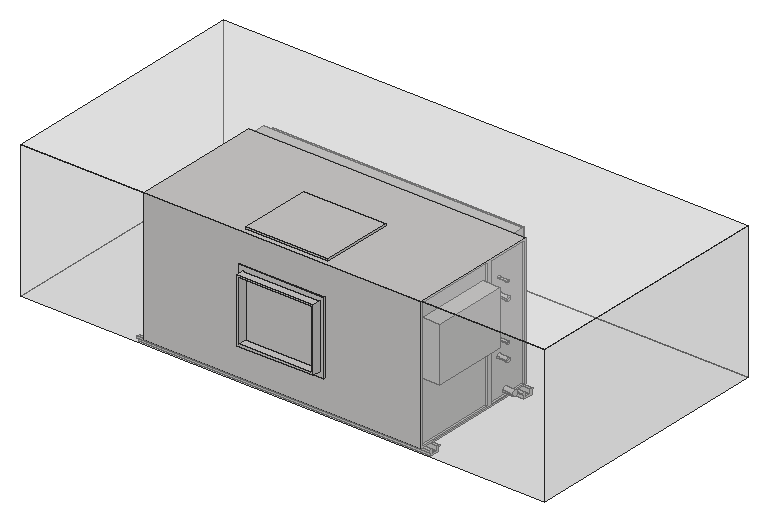
Revit family "outputfile", category 機械設備, Revit 2024
Family settings
  丸型コネクタ寸法 = 半径を使用
  パーツ タイプ = 標準
  OmniClass 番号 = 23.75.10.24.21.27.27
  OmniClass タイトル = Split System Air Conditioning Units
  作業面ベース = いいえ
  常に垂直 = はい
  ロード時にボイドで切り取り = いいえ
  注釈の向きを維持 = いいえ
  共有 = いいえ
  部屋計算ポイント = はい
Parameters (values of type "2FDN200HYL")
  Description = ""
  書き出し IFC クラス(タイプ) = "IfcUnitaryEquipmentType"
  定義済み IFC タイプ(タイプ) = "AIRCONDITIONINGUNIT"
  Cost = 0
  Type Comments = ""
  Keynote = ""
  Type Image = (empty or 0)
  Assembly Code = ""
  switch_frequency = yes
  lw_power = 980 mm
  lw_box = 98 mm
  lw_RA = 865 mm
  lh_liquidpipe_2 = 738 mm
  lh_height_SA = 408 mm
  lh_ld_mountinghole_height = 35 mm
  lh_height_RA = 747 mm
  lh_hangerfixture = 35 mm
  lh_gaspipe_2 = 638 mm
  lh_box_top = 110 mm
  lh_box = 350 mm
  lh_SA = 461 mm
  lh_RA = 476.5 mm
  ld_depth_SA = 60 mm
  ld_depth_RA = 130 mm
  ld_box_left = 30 mm
  ld_box = 490 mm
  connector_voltage = Voltage_60Hz  # 380 V
  connector_powerinput = [Power Input (Cooling)]  # 20.830 kW
  connector_phase = Phase_60Hz  # 3
  URL = ""
  Supply Air Direction [instance] = yes
  製造元 = "Daikin"
  モデル = "2FDN200HYL"
  w_pipe = 33 mm
  r_Liquid Pipe Size = Liquid Pipe Size / 2  # 6.35 mm
  r_Gas Pipe Size = Gas Pipe Size / 2  # 12.7 mm
  r_Drain Pipe Size = Drain Pipe Size / 2  # 17.0 mm
  lw_powersupply = 897 mm
  lw_width_RA = 1624 mm
  lw_width_SA = 474 mm
  lh_suctionflange [instance] = 100 mm
  ld_suctionflange [instance] = 190 mm
  ld_powersupply = 0 mm
  angle_vertical_RA [instance] = 90.00°
  angle horizontal_RA [instance] = 180.00°
  Voltage_comment_60Hz = "380"
  Voltage_60Hz = 380 V
  Sound Power Level_H speed (dB) = 0
  Phase_60Hz = 3
  Minimum External Static Pressure = 0.00 Pa
  Minimum Circuit Amps_60Hz = 0.0 A
  Maximum Fuse Amps_60Hz = 0.0 A
  Maximum External Static Pressure = 150.00 Pa
  Material_Casing = DAIKIN_GalvanizedSteel_Casing_indoorunit
  lw_liquidpipe = 945.5 mm
  lw_gaspipe = 947 mm
  lw_mountinghole_pitch = 1854 mm
  lw_mountinghole = 1894 mm
  lw_drainpipe = 947 mm
  lh_powersupply = 425 mm
  lh_liquidpipe = 382 mm
  lh_gaspipe = 282 mm
  lh_mountinghole = 9 mm
  lh_drainpipe = 65 mm
  lh_antena = 877 mm
  ld_liquidpipe = 223 mm
  ld_gaspipe = 223 mm
  ld_mountinghole_pitch = 755 mm
  ld_drainpipe = 276 mm
  ld_controlbox = 626 mm
  h*** = 0 mm  # constant formula
  d_dischargeflange = ld_depth_SA  # 60 mm
  Width = 1794 mm
  Version = "ver.1.0"
  Unit Type = "Duct"
  Unit Mass Weight = 196.00 kg
  Unit Designation [instance] = ""
  Uniclass2015Version = "Products v1.30"
  Uniclass2015Title = "Split coil room air conditioning units"
  Uniclass2015Code = "Pr_70_65_03_86"
  Total Cooling Capacity [instance] = 0.000 kW
  Sound Pressure Level_M speed (dBA) = 0
  Sound Pressure Level_L speed (dBA) = 0
  Sound Pressure Level_H speed (dBA) = 61
  Series = "Package Aircon_Fan Coil Unit"
  Sensible Cooling Capacity [instance] = 0.000 kW
  SA Duct Size Width = 474 mm
  SA Duct Size Height = 408 mm
  Refrigerant Type = "R410A"
  RA Duct Size Width = 1624 mm
  RA Duct Size Height = 747 mm
  Power Input (Cooling) = 20.830 kW
  Option Accessory 3 [instance] = ""
  Option Accessory 2 [instance] = ""
  Option Accessory 1 [instance] = ""
  Nominal Cooling Capacity = 58.617 kW
  Minimum Airflow = 0.00 m³/h
  Median Airflow = 0.00 m³/h
  Maximum Airflow = 10194.00 m³/h
  Load Classification = HVAC
  Liquid Pipe Size = 12.7 mm
  Link_Nested Family [instance] = ""
  IfcVersion = ""
  IfcExportType = "AIRCONDITIONINGUNIT"
  IfcExportAs = "IfcUnitaryEquipmentType"
  Height = 885 mm
  Heat Exchanger Type = "Cross Fin Coil"
  Gas Pipe Size = 25.4 mm
  Frequency_60Hz = 60 Hz
  Fan Type = "Sirocco Fan"
  Fan Drive = "-"
  FCU Tag No. [instance] = ""
  Drain Pipe Size = 34.0 mm
  Design Supply Airflow [instance] = 0.00 m³/h
  Design Return Airflow [instance] = 0.00 m³/h
  Design External Static Pressure [instance] = 0.00 Pa
  Depth = 850 mm
  既定の高さ = 0 mm
  Cooling Entering Wet Bulb Temperature [instance] = 0.00 °C
  Cooling Entering Dry Bulb Temperature [instance] = 0.00 °C
  Cooling Ambient Wet Bulb Temperature [instance] = 0.00 °C
  Cooling Ambient Dry Bulb Temperature [instance] = 0.00 °C
  Clearance visibility [instance] = yes
  Clearance Top = 0 mm
  Clearance Right = 800 mm
  Clearance Rear = 800 mm
  Clearance Left = 800 mm
  Clearance Front = 0 mm
  Clearance Bottom = 0 mm
Reference planes
  plane 1 "Center (Front/Back)": y = 0
  plane 2: z = 0
  plane 3 "Center (Left/Right)": x = 0
  plane 4 "Back": y = 425
  plane 5 "Front": y = -425
  plane 6 "Left": x = -897
  plane 7 "Right": x = 897
  plane 8 "Top": z = 0
  plane 9 "Bottom": z = -885
  plane 10: z = -503
  plane 11: z = -603
  plane 12: x = -927
  plane 13: x = 927
  plane 14: x = 945.5
  plane 15: x = 947
  plane 16: z = -876
  plane 17 "Clearance Left": x = -1697
  plane 18 "Clearance Right": x = 1697
  plane 19 "Clearance Rear": y = 1225
  plane 20 "Clearance Front": y = -425
  plane 21 "Clearance Bottom": z = -885
  plane 22: z = -820
  plane 23 "ld_gas": y = 223
  plane 24: y = 223
  plane 25: y = -30
  plane 26: y = 276
  plane 27: y = 235
  plane 28: x = 947
  plane 29: y = 377.5
  plane 30: y = -377.5
  plane 31: y = -485
  plane 32: y = 555
  plane 33 "Clearance Top": z = 0
  plane 34: z = -460
  plane 35: y = 0
  plane 36 "hangerfixture": z = -850
  plane 37 "lh_SA": z = -424
  plane 38 "lh_RA": z = -408.5
  plane 39 "RA_center": x = -32
  plane 40: y = -416
  plane 41: y = 119.5
  plane 42: y = 416
  plane 43: z = -9
  plane 44: z = -844
  plane 45: y = 137.5
  plane 46: y = -416
  plane 47: y = 119.5
  plane 48: y = 416
  plane 49: z = -9
  plane 50: z = -844
  plane 51: y = 137.5
  plane 52: x = 886
  plane 53: x = 995
  plane 54: y = -395
  plane 55: y = -375
  plane 56: y = 75
  plane 57: y = 95
  plane 58 "box_bottom": z = -460
  plane 59 "box_top": z = -110
  plane 60: x = -267
  plane 61: x = 267
  plane 62: y = -387.5
  plane 63: y = 80.5
  plane 64 "lw_power": x = 980
  plane 65: z = -147
  plane 66: z = -247
Forms (mm)
  Extrusion 1, solid, material "DAIKIN_GalvanizedSteel_Casing_indoorunit" <- "Material_Casing"
    sketch origin (0, -0.8, 0) x (1, 0, 0) y (0, 1, 0)
      loop
        line (-897, -424.2) -> (897, -424.2) -> (897, 425.8) -> (-897, 425.8) -> (-897, -424.2)
    from -850 to 0
  Revolve 2, solid, material "DAIKIN_GalvanizedSteel_Casing_indoorunit" <- "Material_Casing"
    sketch origin (0, 0, -603) x (0, -1, 0) y (1, 0, 0)
      loop
        line (-210.3, 877) -> (-210.3, 947) -> (-223, 947) -> (-223, 877) -> (-210.3, 877)
      axis (-223, 877) -> (-223, 947)
    angle from 0 to 360
  Revolve 3, solid, material "DAIKIN_GalvanizedSteel_Casing_indoorunit" <- "Material_Casing"
    sketch origin (0, 0, -503) x (0, -1, 0) y (1, 0, 0)
      loop
        line (-223, 877) -> (-223, 945.5) -> (-229.35, 945.5) -> (-229.35, 877) -> (-223, 877)
      axis (-223, 945.5) -> (-223, 877)
    angle from 0 to 360
  Extrusion 4, solid, material "DAIKIN_GalvanizedSteel_Casing_indoorunit" <- "Material_Casing"
    sketch origin (0, 0, 0) x (0, 1, 0) y (0, 0, 1)
      loop
        circle (276, -820) r 17
    from 947 to 877
  Extrusion 5, void
    sketch origin (897, 0, 0) x (0, 1, 0) y (0, 0, 1)
      loop
        line (-416, -9) -> (-416, -844) -> (119.5, -844) -> (119.5, -9) -> (-416, -9)
      loop
        line (416, -9) -> (137.5, -9) -> (137.5, -844) -> (416, -844) -> (416, -9)
    from 0 to -20
  Extrusion 6, void
    sketch origin (-897, 0, 0) x (0, 1, 0) y (0, 0, 1)
      loop
        line (-416, -9) -> (-416, -844) -> (119.5, -844) -> (119.5, -9) -> (-416, -9)
      loop
        line (416, -9) -> (137.5, -9) -> (137.5, -844) -> (416, -844) -> (416, -9)
    from 0 to 20
  Extrusion 7, solid, material "DAIKIN_GalvanizedSteel_Casing_indoorunit" <- "Material_Casing"
    sketch origin (0, 0, 0) x (1, 0, 0) y (0, 1, 0)
      loop
        line (877, -395) -> (995, -395) -> (995, 95) -> (877, 95) -> (877, -395)
    from -460 to -110
  Extrusion 8, solid, material "DAIKIN_GalvanizedSteel_Casing_indoorunit" <- "Material_Casing"
    sketch origin (0, 0, 0) x (-1, 0, 0) y (0, -1, 0)
      loop
        line (267, -80.5) -> (267, 387.5) -> (-267, 387.5) -> (-267, -80.5) -> (267, -80.5)
    from 0 to 9
  Revolve 9, solid, material "DAIKIN_GalvanizedSteel_Casing_indoorunit" <- "Material_Casing"
    sketch origin (0, 0, -247) x (0, -1, 0) y (1, 0, 0)
      loop
        line (-210.3, 877) -> (-210.3, 947) -> (-223, 947) -> (-223, 877) -> (-210.3, 877)
      axis (-223, 877) -> (-223, 947)
    angle from 0 to 360
  Revolve 10, solid, material "DAIKIN_GalvanizedSteel_Casing_indoorunit" <- "Material_Casing"
    sketch origin (0, 0, -147) x (0, -1, 0) y (1, 0, 0)
      loop
        line (-223, 877) -> (-223, 945.5) -> (-229.35, 945.5) -> (-229.35, 877) -> (-223, 877)
      axis (-223, 945.5) -> (-223, 877)
    angle from 0 to 360
  Extrusion 11, solid, material "DAIKIN_GalvanizedSteel_Casing_indoorunit" <- "Material_Casing"
    sketch origin (0, 0, 0) x (0, 1, 0) y (0, 0, 1)
      loop
        line (-337.5, -850) -> (-337.5, -859) -> (337.5, -859) -> (337.5, -850) -> (-337.5, -850)
    from -897 to 897
Cuts and joins
  Extrusion 5, Extrusion 6 cuts Extrusion 1
  Extrusion 6 cuts Revolve 2
  Extrusion 6 cuts Revolve 3
  Extrusion 6 cuts Extrusion 4
Dimensions and locks
  equal spacing: plane 12, plane 3 "Center (Left/Right)", plane 13
  "lw_mountinghole_pitch": plane 12 to plane 13
  "lh_liquidpipe": plane 10 to plane 9 "Bottom"
  "lh_gaspipe": plane 11 to plane 9 "Bottom"
  equal spacing: plane 6 "Left", plane 3 "Center (Left/Right)", plane 7 "Right"
  "Width": plane 6 "Left" to plane 7 "Right"
  "Clearance Right": plane 7 "Right" to plane 18 "Clearance Right"
  "Clearance Left": plane 17 "Clearance Left" to plane 6 "Left"
  "Clearance Rear": plane 19 "Clearance Rear" to plane 4 "Back"
  "Clearance Front": plane 5 "Front" to plane 20 "Clearance Front"
  "Depth": plane 4 "Back" to plane 5 "Front"
  equal spacing: plane 4 "Back", plane 1 "Center (Front/Back)", plane 5 "Front"
  "ld_suctionflange": plane 4 "Back" to plane 27
  "r_Liquid Pipe Size": nested 5 to Revolve 3 sketch curve
  equal spacing: plane 29, plane 1 "Center (Front/Back)", plane 30
  "ld_mountinghole_pitch": plane 29 to plane 30
  "lw_liquidpipe": plane 3 "Center (Left/Right)" to plane 14
  "lw_gaspipe": plane 3 "Center (Left/Right)" to plane 15
  "lw_drainpipe": plane 3 "Center (Left/Right)" to plane 28
  "lh_drainpipe": plane 22 to plane 9 "Bottom"
  "Clearance Top": plane 33 "Clearance Top" to plane 8 "Top"
  "Clearance Bottom": plane 9 "Bottom" to plane 21 "Clearance Bottom"
  "lh_powersupply": plane 34 to plane 9 "Bottom"
  level to plane 8 "Top" = 0 mm
  "lh_hangerfixture": plane 36 "hangerfixture" to plane 9 "Bottom"
  "lh_SA": plane 37 "lh_SA" to plane 9 "Bottom"
  "ld_depth_SA": plane 5 "Front" to plane 31
  "ld_depth_RA": plane 32 to plane 4 "Back"
  "lh_RA": plane 38 "lh_RA" to plane 9 "Bottom"
  "lw_RA": plane 6 "Left" to plane 39 "RA_center"
  locked: plane 36 "hangerfixture" to plane 44 at 6
  locked: plane 5 "Front" to plane 40 at 9
  locked: plane 8 "Top" to plane 43 at 9
  locked: plane 42 to plane 4 "Back" at 9
  plane 40 to plane 41 = 535.5 mm
  locked: plane 45 to plane 42 at 278.5
  locked: plane 46 to plane 47 at 535.5
  locked: plane 51 to plane 48 at 278.5
  locked: plane 5 "Front" to plane 46 at 9
  locked: plane 48 to plane 4 "Back" at 9
  locked: plane 8 "Top" to plane 49 at 9
  locked: plane 50 to plane 36 "hangerfixture" at 6
  "ld_box_left": plane 54 to plane 5 "Front"
  "ld_box": plane 57 to plane 54
  locked: plane 55 to plane 54 at 20
  locked: plane 57 to plane 56 at 20
  locked: cut or joined group of Extrusion 1, Extrusion 5, Extrusion 6 to plane 52 at 9
  "lw_box": plane 7 "Right" to plane 53
  "lh_box": plane 59 "box_top" to plane 58 "box_bottom"
  plane 60 to plane 3 "Center (Left/Right)" to plane 61 = 267 mm locked, 267 mm locked
  plane 63 to plane 62 to plane 5 "Front" = 468 mm locked, 37.5 mm locked
  "lw_power": plane 3 "Center (Left/Right)" to plane 64 "lw_power"
  "lh_gaspipe_2": plane 66 to plane 9 "Bottom"
  "lh_liquidpipe_2": plane 65 to plane 9 "Bottom"
  "ld_powersupply": plane 35 to plane 1 "Center (Front/Back)"
  "ld_drainpipe": plane 26 to plane 1 "Center (Front/Back)"
  "ld_gaspipe": plane 23 "ld_gas" to plane 1 "Center (Front/Back)"
  "r_Gas Pipe Size": plane 23 "ld_gas" to Revolve 9 sketch curve
  "r_Gas Pipe Size": plane 23 "ld_gas" to Revolve 2 sketch curve
  "r_Liquid Pipe Size": Revolve 10 sketch curve to plane 24
  "ld_liquidpipe": plane 24 to plane 1 "Center (Front/Back)"
  "Height": plane 8 "Top" to plane 9 "Bottom"
  "lh_mountinghole": plane 16 to plane 9 "Bottom"
  "lh_box_top": plane 8 "Top" to plane 59 "box_top"
  "r_Drain Pipe Size": radius of Extrusion 4 sketch curve
  aligned and locked: level to plane 2
  aligned and locked: plane 8 "Top" to Extrusion 1
  aligned and locked: Revolve 2 sketch curve to Revolve 2 sketch curve
  aligned and locked: plane 14 to nested 5
  aligned and locked: nested 5 to plane 10
  aligned and locked: plane 13 to nested 2
  aligned and locked: plane 12 to nested 3
  aligned and locked: plane 12 to nested 4
  aligned and locked: nested 6 to plane 11
  aligned and locked: plane 23 "ld_gas" to nested 6
  aligned and locked: plane 24 to nested 5
  aligned and locked: Extrusion 4 sketch curve to plane 26
  aligned and locked: nested 11 to plane 19 "Clearance Rear"
  aligned and locked: plane 18 "Clearance Right" to nested 11
  aligned and locked: plane 17 "Clearance Left" to nested 11
  aligned and locked: nested 11 to plane 20 "Clearance Front"
  aligned and locked: plane 28 to Extrusion 4
  aligned and locked: plane 15 to nested 6  (x2)
  aligned and locked: plane 13 to nested 1
  aligned and locked: plane 26 to nested 7
  aligned and locked: nested 7 to plane 22
  aligned and locked: nested 7 to plane 28
  aligned and locked: nested 9 to plane 1 "Center (Front/Back)"
  aligned and locked: plane 3 "Center (Left/Right)" to nested 9
  aligned and locked: plane 29 to nested 1
  aligned and locked: plane 30 to nested 2
  aligned and locked: nested 4 to plane 29
  aligned and locked: nested 3 to plane 30
  aligned and locked: nested 10 to plane 4 "Back"
  aligned and locked: nested 8 to plane 31
  aligned and locked: plane 32 to nested 14
  aligned and locked: plane 3 "Center (Left/Right)" to nested 13
  aligned and locked: nested 11 to plane 33 "Clearance Top"
  aligned and locked: nested 11 to plane 21 "Clearance Bottom"
  aligned and locked: nested 12 to plane 9 "Bottom"
  aligned and locked: plane 36 "hangerfixture" to Extrusion 1
  aligned and locked: plane 37 "lh_SA" to nested 8
  aligned and locked: Extrusion 1 to plane 5 "Front"
  aligned and locked: nested 13 to plane 31
  aligned and locked: plane 37 "lh_SA" to nested 13
  aligned and locked: Extrusion 1 to plane 4 "Back"
  aligned and locked: plane 38 "lh_RA" to nested 10
  aligned and locked: nested 14 to plane 38 "lh_RA"
  aligned and locked: plane 39 "RA_center" to nested 10
  aligned and locked: nested 14 to plane 39 "RA_center"
  aligned and locked: Extrusion 5 sketch curve to plane 43
  aligned and locked: Extrusion 5 sketch curve to plane 40
  aligned and locked: plane 44 to Extrusion 5 sketch curve
  aligned and locked: Extrusion 5 sketch curve to plane 41
  aligned and locked: plane 43 to Extrusion 5 sketch curve
  aligned and locked: Extrusion 5 sketch curve to plane 42
  aligned and locked: Extrusion 5 sketch curve to plane 44
  aligned and locked: Extrusion 5 sketch curve to plane 45
  aligned and locked: Extrusion 6 sketch curve to plane 49
  aligned and locked: Extrusion 6 sketch curve to plane 46
  aligned and locked: plane 50 to Extrusion 6 sketch curve
  aligned and locked: Extrusion 6 sketch curve to plane 47
  aligned and locked: plane 49 to Extrusion 6 sketch curve
  aligned and locked: Extrusion 6 sketch curve to plane 48
  aligned and locked: Extrusion 6 sketch curve to plane 50
  aligned and locked: Extrusion 6 sketch curve to plane 51
  aligned and locked: cut or joined group of Extrusion 1, Extrusion 5, Extrusion 6 to Extrusion 7 sketch curve
  aligned and locked: plane 57 to Extrusion 7 sketch curve
  aligned and locked: plane 53 to Extrusion 7 sketch curve
  aligned and locked: Extrusion 7 sketch curve to plane 54
  aligned and locked: plane 59 "box_top" to Extrusion 7
  aligned and locked: Extrusion 7 to plane 58 "box_bottom"
  aligned and locked: Extrusion 8 sketch curve to plane 63
  aligned and locked: Extrusion 8 sketch curve to plane 60
  aligned and locked: plane 62 to Extrusion 8 sketch curve
  aligned and locked: plane 61 to Extrusion 8 sketch curve
  aligned and locked: Revolve 9 sketch curve to Revolve 9 sketch curve
  aligned and locked: nested 16 to plane 65
  aligned and locked: nested 17 to plane 66
  aligned and locked: Revolve 10 to plane 14
  aligned and locked: plane 14 to nested 16
  aligned and locked: plane 15 to cut or joined group of Revolve 2, Extrusion 6  (x3)
  aligned and locked: cut or joined group of Revolve 2, Extrusion 6 to plane 15
  aligned and locked: nested 15 to plane 35
  aligned and locked: Revolve 2 sketch curve to plane 23 "ld_gas"
  aligned and locked: plane 23 "ld_gas" to nested 17
  aligned and locked: plane 24 to nested 16
  aligned and locked: cut or joined group of Extrusion 1, Extrusion 5, Extrusion 6 to cut or joined group of Extrusion 4, Extrusion 6
  aligned and locked: cut or joined group of Extrusion 1, Extrusion 5, Extrusion 6 to Revolve 10
  aligned and locked: Revolve 9 to cut or joined group of Extrusion 1, Extrusion 5, Extrusion 6
  aligned and locked: cut or joined group of Extrusion 1, Extrusion 5, Extrusion 6 to cut or joined group of Revolve 3, Extrusion 6
  aligned and locked: cut or joined group of Revolve 2, Extrusion 6 to cut or joined group of Extrusion 1, Extrusion 5, Extrusion 6
  aligned and locked: plane 36 "hangerfixture" to Extrusion 11 sketch curve
  aligned and locked: Extrusion 11 sketch curve to nested 12  (x3)
  aligned and locked: Extrusion 11 to plane 6 "Left"
  aligned and locked: plane 7 "Right" to Extrusion 11
  aligned and locked: nested 15 to plane 34
  aligned and locked: nested 15 to plane 64 "lw_power"
  aligned and locked: level to plane 8 "Top"
Automatic sketch dimensions
  Extrusion 1 sketch curve to plane 4 "Back" = 0 mm
  Extrusion 1 sketch curve to plane 6 "Left" = 0 mm
  Extrusion 1 sketch curve to plane 5 "Front" = 0 mm
  Extrusion 1 sketch curve to plane 7 "Right" = 0 mm
  Revolve 3 sketch curve to plane 23 "ld_gas" = 0 mm  (x2)
  Revolve 3 sketch curve to plane 14 = 0 mm  (x2)
  Revolve 3 sketch curve to plane 7 "Right" = 20 mm
  plane 7 "Right" to Revolve 3 sketch curve = 1 mm
  Extrusion 4 sketch curve to plane 22 = 0 mm
  Revolve 10 sketch curve to plane 23 "ld_gas" = 0 mm  (x2)
  Revolve 10 sketch curve to plane 14 = 0 mm  (x2)
  Revolve 10 sketch curve to plane 7 "Right" = 20 mm
  plane 7 "Right" to Revolve 10 sketch curve = 1 mm
  Revolve 2 sketch curve to plane 15 = 0 mm
  Revolve 2 sketch curve to plane 7 "Right" = 20 mm
  plane 7 "Right" to Revolve 2 sketch curve = 2.003 mm
  plane 15 to Revolve 2 sketch curve = 1.003 mm
  Revolve 9 sketch curve to plane 23 "ld_gas" = 0 mm
  Revolve 9 sketch curve to plane 15 = 0 mm
  Revolve 9 sketch curve to plane 7 "Right" = 20 mm
  plane 7 "Right" to Revolve 9 sketch curve = 2.003 mm
  plane 15 to Revolve 9 sketch curve = 1.003 mm
Nested families
  nested 1: "daikin_mountinghole" at (927, 377.5, -885), Link_Nested Family <- "Link_Nested Family", h_mountinghole <- "lh_mountinghole", l_antenna <- "lh_antena", type "daikin_mountinghole"
    with show yes, l_antenna 877 mm, h_mountinghole 9 mm, Link_Nested Family "", d_circle 23 mm
  nested 2: "daikin_mountinghole" at (927, -377.5, -885), Link_Nested Family <- "Link_Nested Family", h_mountinghole <- "lh_mountinghole", l_antenna <- "lh_antena", type "daikin_mountinghole"
    with show yes, l_antenna 877 mm, h_mountinghole 9 mm, Link_Nested Family "", d_circle 23 mm
  nested 3: "daikin_mountinghole" at (-927, -377.5, -885), Link_Nested Family <- "Link_Nested Family", h_mountinghole <- "lh_mountinghole", l_antenna <- "lh_antena", type "daikin_mountinghole"
    with show yes, l_antenna 877 mm, h_mountinghole 9 mm, Link_Nested Family "", d_circle 23 mm
  nested 4: "daikin_mountinghole" at (-927, 377.5, -885), Link_Nested Family <- "Link_Nested Family", h_mountinghole <- "lh_mountinghole", l_antenna <- "lh_antena", type "daikin_mountinghole"
    with show yes, l_antenna 877 mm, h_mountinghole 9 mm, Link_Nested Family "", d_circle 23 mm
  nested 5: "daikin_connector_rotate2" at (0, 223, -503) x (0, 1, 0) z (0, 0, 1), length <- "lw_liquidpipe", built-in parameter 1001364 <- "lh_liquidpipe", radius <- "r_Liquid Pipe Size", type "daikin_connector_rotate2"
    with radius 6.35 mm, length 945.5 mm, angle_vertical 90.00°
  nested 6: "daikin_connector_rotate2" at (0, 223, -603) x (0, 1, 0) z (0, 0, 1), length <- "lw_gaspipe", built-in parameter 1001364 <- "lh_gaspipe", radius <- "r_Gas Pipe Size", type "daikin_connector_rotate2"
    with radius 12.7 mm, length 947 mm, angle_vertical 90.00°
  nested 7: "daikin_connector_rotate2" at (0, 276, -820) x (0, 1, 0) z (0, 0, 1), built-in parameter 1001364 <- "lh_drainpipe", length <- "lw_drainpipe", radius <- "r_Drain Pipe Size", type "daikin_connector_rotate2"
    with radius 17 mm, length 947 mm, angle_vertical 90.00°
  nested 8: "daikin_connector_rotate2" at (0, -425, -424), length <- "d_dischargeflange", type "daikin_connector_rotate2"
    with radius 10 mm, length 60 mm, angle_vertical 90.00°
  nested 9: "daikin_△_symbolicline" at (-75, -129.904, 9) x (-0.5, 0.866, 0) z (0, 0, 1), visible <- "Supply Air Direction", type "daikin_△_symbolicline"
    with length 300 mm
  nested 10: "daikin_ductflange_2FDN-HYL" at (-32, 425, -408.5), material <- "Material_Casing", width <- "lw_width_RA", height <- "lh_height_RA", depth <- "ld_depth_RA", type "daikin_ductflange_2FDN-HYL"
    with width 1624 mm, material DAIKIN_GalvanizedSteel_Casing_indoorunit, height 747 mm, depth 130 mm
  nested 11: "daikin_clearancespace" at (0, 400, -442.381), visible <- "Clearance visibility", show <- "Clearance visibility", Link_Nested Family <- "Link_Nested Family", type "daikin_clearancespace"
    with width 3394 mm, show yes, height 885 mm, depth 1650 mm, Link_Nested Family ""
  nested 12: "daikin_hangerfixture_2FDN-HYL" at (0, 0, -885), type "daikin_hangerfixture_2FDN-HYL"
  nested 13: "daikin_ductflange_2FDN-HYL_1" at (0, -425, -613.401), width <- "lw_width_SA", material <- "Material_Casing", height <- "lh_height_SA", depth <- "ld_depth_SA", type "daikin_ductflange_2FDN-HYL_1"
    with width 474 mm, material DAIKIN_GalvanizedSteel_Casing_indoorunit, height 408 mm, depth 60 mm
  nested 14: "daikin_connector_rotate2" at (-32, 425, -408.5) x (-1, 0, 0) z (0, 0, 1), length <- "ld_depth_RA", type "daikin_connector_rotate2"
    with radius 10 mm, length 130 mm, angle_vertical 90.00°
  nested 15: "daikin_connector_rotate2" at (980, 0, -110) x (0, 1, 0) z (1, 0, 0), length <- "lh_box", type "daikin_connector_rotate2"
    with radius 10 mm, length 350 mm, angle_vertical 90.00°
  nested 16: "daikin_connector_rotate2" at (0, 223, -147) x (0, 1, 0) z (0, 0, 1), length <- "lw_liquidpipe", built-in parameter 1001364 <- "lh_liquidpipe", radius <- "r_Liquid Pipe Size", type "daikin_connector_rotate2"
    with radius 6.35 mm, length 945.5 mm, angle_vertical 90.00°
  nested 17: "daikin_connector_rotate2" at (0, 223, -247) x (0, 1, 0) z (0, 0, 1), length <- "lw_gaspipe", built-in parameter 1001364 <- "lh_gaspipe", radius <- "r_Gas Pipe Size", type "daikin_connector_rotate2"
    with radius 12.7 mm, length 947 mm, angle_vertical 90.00°
Connectors
  piping at (947, 223, -603), diameter 25.4, driven by "r_Gas Pipe Size"
    settings: on nested 6, index 1, connector inside diameter 609.6 mm, connector length 0 mm, flow factor 0, pipe flow 0.00 m³/h, pressure drop 0.0 Pa, fitting loss kfactor 0, connector angle 0.00°, fixture units 0, engagement length 0 mm, angle of deflection 0.00°, flow configuration 1, flow direction 2, fitting loss method 0, system type 29, joint type 0, gender type 0, connector reference index -1, connector utility 0, adjustable connector no, is connector primary yes, connector description "Refrigerant Gas Piping"
  piping at (945.5, 223, -503), diameter 12.7, driven by "r_Liquid Pipe Size"
    settings: on nested 5, index 2, connector inside diameter 609.6 mm, connector length 0 mm, flow factor 0, pipe flow 0.00 m³/h, pressure drop 0.0 Pa, fitting loss kfactor 0, connector angle 0.00°, fixture units 0, engagement length 0 mm, angle of deflection 0.00°, flow configuration 1, flow direction 1, fitting loss method 0, system type 29, joint type 0, gender type 0, connector reference index -1, connector utility 0, adjustable connector no, is connector primary no, connector description "Refrigerant Liquid Piping"
  piping at (947, 276, -820), diameter 34, driven by "r_Drain Pipe Size"
    settings: on nested 7, index 3, connector inside diameter 609.6 mm, connector length 0 mm, flow factor 0, pipe flow 0.00 m³/h, pressure drop 0.0 Pa, fitting loss kfactor 0, connector angle 0.00°, fixture units 0, engagement length 0 mm, angle of deflection 0.00°, flow configuration 1, flow direction 2, fitting loss method 4, system type 16, joint type 0, gender type 0, connector reference index -1, connector utility 0, adjustable connector no, is connector primary no, connector description "Condensate Drain Piping"
  hvac at (0, -485, -424), driven by "SA Duct Size Height", driven by "SA Duct Size Width"
    settings: on nested 8, index 7, duct flow 0.00 m³/h, flow factor 0, pres drop 0.00 Pa, loss coef 0, conn angle 0.00°, conn width 474.0 mm, conn height 408.0 mm, conn diameter 609.6 mm, duct sys type 1, conn prof type 1, flow config 0, flow direction 2, loss method 4, conn ref index -1, conn util no, is conn primary yes, conn desc "SA Duct"
  hvac at (-32, 555, -408.5), driven by "RA Duct Size Width", driven by "RA Duct Size Height"
    settings: on nested 14, index 8, duct flow 0.00 m³/h, flow factor 0, pres drop 0.00 Pa, loss coef 0, conn angle 0.00°, conn width 1624.0 mm, conn height 747.0 mm, conn diameter 609.6 mm, duct sys type 2, conn prof type 1, flow config 0, flow direction 1, loss method 4, conn ref index -1, conn util no, is conn primary no, conn desc "RA Duct"
  electrical at (980, 0, -460), driven by "Load Classification", driven by "connector_phase", driven by "connector_powerinput", driven by "connector_voltage"
    settings: on nested 15, index 9, voltage 380 V, apparent load 20830 VA, apparent load phase1 0 VA, apparent load phase2 0 VA, apparent load phase3 0 VA, power factor 1, load classification "HVAC", number of poles 3, system type 30, power factor state 1, is connector primary yes, connector utility no, sub classification motor no, connector description "Power Supply"
  piping at (947, 223, -247), diameter 25.4, driven by "r_Gas Pipe Size"
    settings: on nested 17, index 10, connector inside diameter 609.6 mm, connector length 0 mm, flow factor 0, pipe flow 0.00 m³/h, pressure drop 0.0 Pa, fitting loss kfactor 0, connector angle 0.00°, fixture units 0, engagement length 0 mm, angle of deflection 0.00°, flow configuration 1, flow direction 2, fitting loss method 0, system type 29, joint type 0, gender type 0, connector reference index -1, connector utility 0, adjustable connector no, is connector primary no, connector description "Refrigerant Gas Piping"
  piping at (945.5, 223, -147), diameter 12.7, driven by "r_Liquid Pipe Size"
    settings: on nested 16, index 11, connector inside diameter 609.6 mm, connector length 0 mm, flow factor 0, pipe flow 0.00 m³/h, pressure drop 0.0 Pa, fitting loss kfactor 0, connector angle 0.00°, fixture units 0, engagement length 0 mm, angle of deflection 0.00°, flow configuration 1, flow direction 1, fitting loss method 0, system type 29, joint type 0, gender type 0, connector reference index -1, connector utility 0, adjustable connector no, is connector primary no, connector description "Refrigerant Liquid Piping"
Definition of nested family "daikin_ductflange_2FDN-HYL"
  Parameters (values of type "daikin_ductflange_FBFC-AXVA_1")
    width [instance] = 1624 mm
    material [instance] = none
    height [instance] = 747 mm
    depth [instance] = 130 mm
    Default Elevation = 0 mm
  Reference planes
    plane 1 "Center (Front/Back)": y = 0
    plane 2: z = 0
    plane 3 "Center (Left/Right)": x = 0
    plane 4: x = -812
    plane 5: x = 812
    plane 6: z = 373.5
    plane 7: z = -373.5
    plane 8: y = 90
    plane 9: y = 130
    plane 10: x = -802
    plane 11: x = 802
    plane 12: z = -363.5
    plane 13: z = 363.5
    plane 14: x = -838
    plane 15: x = 838
    plane 16: z = 393.5
    plane 17: z = -393.5
  Forms (mm)
    Extrusion 1, solid, material <- "material"
      sketch origin (0, 0, 0) x (1, 0, 0) y (0, 0, 1)
        loop
          line (-838, 393.5) -> (-838, -393.5) -> (838, -393.5) -> (838, 393.5) -> (-838, 393.5)
        loop
          line (-802, 363.5) -> (-802, -363.5) -> (802, -363.5) -> (802, 363.5) -> (-802, 363.5)
      from 0 to -90
    Extrusion 2, solid, material <- "material"
      sketch origin (0, 0, 0) x (1, 0, 0) y (0, 0, 1)
        loop
          line (-812, 373.5) -> (-812, -373.5) -> (812, -373.5) -> (812, 373.5) -> (-812, 373.5)
        loop
          line (802, 363.5) -> (-802, 363.5) -> (-802, -363.5) -> (802, -363.5) -> (802, 363.5)
      from -130 to -90
  Cuts and joins
    joined: Extrusion 1, Extrusion 2
  Dimensions and locks
    equal spacing: plane 5, plane 3 "Center (Left/Right)", plane 4
    "width": plane 5 to plane 4
    equal spacing: plane 6, level, plane 7
    "height": plane 6 to plane 7
    locked: plane 1 "Center (Front/Back)" to plane 8 at 90
    "depth": plane 1 "Center (Front/Back)" to plane 9
    locked: plane 6 to plane 13 at 10
    locked: plane 12 to plane 7 at 10
    locked: plane 5 to plane 11 at 10
    locked: plane 10 to plane 4 at 10
    locked: plane 4 to plane 14 at 26
    locked: plane 15 to plane 5 at 26
    locked: plane 16 to plane 6 at 20
    locked: plane 7 to plane 17 at 20
    aligned and locked: level to plane 2
    aligned and locked: Extrusion 1 to plane 8
    aligned and locked: plane 1 "Center (Front/Back)" to Extrusion 1
    aligned and locked: Extrusion 2 to plane 9
    aligned and locked: Extrusion 2 to Extrusion 1
    aligned and locked: plane 13 to Extrusion 2 sketch curve
    aligned and locked: plane 11 to Extrusion 2 sketch curve
    aligned and locked: Extrusion 2 sketch curve to plane 12
    aligned and locked: Extrusion 2 sketch curve to plane 10
    aligned and locked: Extrusion 1 sketch curve to plane 16
    aligned and locked: plane 14 to Extrusion 1 sketch curve
    aligned and locked: plane 17 to Extrusion 1 sketch curve
    aligned and locked: Extrusion 1 sketch curve to plane 15
  Automatic sketch dimensions
    Extrusion 2 sketch curve to plane 4 = 0 mm
    Extrusion 2 sketch curve to plane 5 = 0 mm
    Extrusion 2 sketch curve to plane 7 = 0 mm
    Extrusion 2 sketch curve to plane 6 = 0 mm
    plane 4 to Extrusion 1 sketch curve = 10 mm
    Extrusion 1 sketch curve to plane 5 = 10 mm
    plane 7 to Extrusion 1 sketch curve = 10 mm
    Extrusion 1 sketch curve to plane 6 = 10 mm
Definition of nested family "daikin_clearancespace"
  Parameters (values of type "daikin_clearancespace")
    Description = "daikin_clearancespace"
    width [instance] = 1823.963 mm
    show [instance] = yes
    material = none
    height [instance] = 1359.762 mm
    depth [instance] = 880 mm
    Default Elevation = 0 mm
    Link_Nested Family [instance] = ""
  Reference planes
    plane 1 "Center (Front/Back)": y = 0
    plane 2 "Center (Elevation)": z = -0.119
    plane 3 "Center (Left/Right)": x = 0
    plane 4: y = 440
    plane 5: y = -440
    plane 6 "Right": x = 911.982
    plane 7 "Left": x = -911.982
    plane 8 "Top": z = 679.762
    plane 9 "Bottom": z = -680
  Forms (mm)
    Extrusion 1, solid, material <- "material", visible <- "show"
      sketch origin (0, 0, 0) x (1, 0, 0) y (0, 1, 0)
        loop
          line (-911.982, 440) -> (-911.982, -440) -> (911.982, -440) -> (911.982, 440) -> (-911.982, 440)
      from -680 to 679.762
  Lines and regions (mm)
    symbolic lines, visible <- "show"
      curve 1: line (911.982, 440, 0) -> (-911.982, 440, 0)
      curve 2: line (-911.982, 440, 0) -> (-911.982, -440, 0)
      curve 3: line (-911.982, -440, 0) -> (911.982, -440, 0)
      curve 4: line (911.982, -440, 0) -> (911.982, 440, 0)
      curve 5: line (911.982, 0, 679.762) -> (-911.982, 0, 679.762)
      curve 6: line (911.982, 0, -680) -> (911.982, 0, 679.762)
      curve 7: line (-911.982, 0, -680) -> (911.982, 0, -680)
      curve 8: line (-911.982, 0, 679.762) -> (-911.982, 0, -680)
      curve 9: line (0, 440, 679.762) -> (0, -440, 679.762)
      curve 10: line (0, -440, 679.762) -> (0, -440, -680)
      curve 11: line (0, 440, -680) -> (0, 440, 679.762)
      curve 12: line (0, -440, -680) -> (0, 440, -680)
  Dimensions and locks
    "width": plane 7 "Left" to plane 6 "Right"
    "depth": plane 4 to plane 5
    "height": plane 8 "Top" to plane 9 "Bottom"
    equal spacing: plane 7 "Left", plane 3 "Center (Left/Right)", plane 6 "Right"
    equal spacing: plane 4, plane 1 "Center (Front/Back)", plane 5
    equal spacing: plane 8 "Top", plane 2 "Center (Elevation)", plane 9 "Bottom"
    aligned and locked: level to plane 2 "Center (Elevation)"
    aligned and locked: Extrusion 1 sketch curve to plane 4
    aligned and locked: plane 7 "Left" to Extrusion 1 sketch curve
    aligned and locked: Extrusion 1 sketch curve to plane 5
    aligned and locked: Extrusion 1 sketch curve to plane 6 "Right"
    aligned and locked: plane 8 "Top" to Extrusion 1
    aligned and locked: curve 1 to Extrusion 1
    aligned and locked: curve 2 to Extrusion 1
    aligned and locked: curve 3 to Extrusion 1
    aligned and locked: curve 4 to Extrusion 1
    aligned and locked: curve 5 to Extrusion 1
    aligned and locked: curve 6 to Extrusion 1
    aligned and locked: curve 7 to Extrusion 1
    aligned and locked: curve 8 to Extrusion 1
    aligned and locked: curve 9 to Extrusion 1
    aligned and locked: curve 10 to Extrusion 1
    aligned and locked: curve 11 to Extrusion 1
    aligned and locked: curve 12 to Extrusion 1
    aligned and locked: Extrusion 1 to plane 9 "Bottom"
Definition of nested family "daikin_hangerfixture_2FDN-HYL"
  Parameters (values of type "daikin_hangerfixture_FBFC-AXVA")
    width = 1854 mm
    material = none
    height = 35 mm
    e = 40 mm
    depth = 755 mm
    Default Elevation = 0 mm
    G = 1894 mm
    E = 50 mm
  Reference planes
    plane 1 "Center (Front/Back)": y = 0
    plane 2: z = 0
    plane 3 "Center (Left/Right)": x = 0
    plane 4: x = 927
    plane 5: x = -927
    plane 6: z = 35
    plane 7: y = 377.5
    plane 8: y = -377.5
    plane 9: x = -947
    plane 10: x = 947
    plane 11: y = 417.5
    plane 12: y = -417.5
  Forms (mm)
    Extrusion 1, solid
      sketch origin (0, 0, 0) x (0, 1, 0) y (0, 0, 1)
        loop
          line (-357.5, 35) -> (-357.5, 9) -> (-397.5, 9) -> (-397.5, 35) -> (-417.5, 35) -> (-417.5, 26) -> (-406.5, 26) -> (-406.5, 0) -> (-348.5, 0) -> (-348.5, 26) -> (-337.5, 26) -> (-337.5, 35) -> (-357.5, 35)
        loop
          line (357.5, 35) -> (337.5, 35) -> (337.5, 26) -> (348.5, 26) -> (348.5, 0) -> (406.5, 0) -> (406.5, 26) -> (417.5, 26) -> (417.5, 35) -> (397.5, 35) -> (397.5, 9) -> (357.5, 9) -> (357.5, 35)
      from -947 to 947
    Extrusion 2, void
      sketch origin (0, 0, 0) x (1, 0, 0) y (0, 1, 0)
        loop
          circle (-927, 377.5) r 11.5
        loop
          circle (-927, -377.5) r 11.5
        loop
          circle (927, -377.5) r 11.5
        loop
          circle (927, 377.5) r 11.5
      from 0 to 9
  Cuts and joins
    Extrusion 2 cuts Extrusion 1
  Dimensions and locks
    "width": plane 5 to plane 4
    equal spacing: plane 5, plane 3 "Center (Left/Right)", plane 4
    "depth": plane 8 to plane 7
    equal spacing: plane 8, plane 1 "Center (Front/Back)", plane 7
    "height": plane 6 to level
    "e": plane 7 to plane 11
    "e": plane 12 to plane 8
    equal spacing: Extrusion 1 sketch curve, plane 8, Extrusion 1 sketch curve  (x2)
    "e": Extrusion 1 sketch curve to plane 8 to Extrusion 1 sketch curve
    locked: Extrusion 1 sketch curve to level at 9  (x2)
    Extrusion 1 sketch curve to Extrusion 1 sketch curve = 80 mm
    equal spacing: Extrusion 1 sketch curve, plane 7, Extrusion 1 sketch curve  (x2)
    equal spacing: plane 9, plane 3 "Center (Left/Right)", plane 10
    "G": plane 9 to plane 10
    aligned and locked: level to plane 2
    aligned and locked: plane 6 to Extrusion 1 sketch curve  (x2)
    aligned and locked: Extrusion 1 sketch curve to level
    aligned and locked: level to Extrusion 1 sketch curve
    aligned and locked: Extrusion 1 to plane 9
    aligned and locked: plane 10 to Extrusion 1
    aligned and locked: plane 7 to Extrusion 2 sketch curve  (x2)
    aligned and locked: plane 5 to Extrusion 2 sketch curve  (x2)
    aligned and locked: plane 8 to Extrusion 2 sketch curve  (x2)
    aligned and locked: plane 4 to Extrusion 2 sketch curve  (x2)
  Automatic sketch dimensions
    Extrusion 1 sketch curve to plane 6 = 0 mm  (x2)
    Extrusion 1 sketch curve to plane 11 = 0 mm
    Extrusion 1 sketch curve to Extrusion 1 sketch curve = 11 mm  (x2)
    Extrusion 1 sketch curve to Extrusion 1 sketch curve = 9 mm  (x3)
    Extrusion 1 sketch curve to plane 6 = 9 mm  (x3)
    radius of Extrusion 2 sketch curve = 11.5 mm  (x4)
Definition of nested family "daikin_ductflange_2FDN-HYL_1"
  Parameters (values of type "daikin_ductflange_FBFC-AXVA")
    width [instance] = 474 mm
    t [instance] = 10 mm
    material [instance] = none
    height [instance] = 408 mm
    depth [instance] = 60 mm
    Default Elevation = 0 mm
  Reference planes
    plane 1 "Center (Front/Back)": y = 0
    plane 2: z = 189.401
    plane 3 "Center (Left/Right)": x = 0
    plane 4: y = 0
    plane 5: y = -60
    plane 6: y = -9
    plane 7: z = 393.401
    plane 8: z = -14.599
    plane 9: x = -237
    plane 10: x = 237
    plane 11: x = -247
    plane 12: x = 247
    plane 13: z = 383.401
    plane 14: z = -4.599
    plane 15: x = -277
    plane 16: z = 423.401
    plane 17: z = -44.599
    plane 18: x = 277
  Forms (mm)
    Extrusion 1, solid, material <- "material"
      sketch origin (0, 0, 0) x (1, 0, 0) y (0, 0, 1)
        loop
          line (-247, 393.401) -> (-247, -14.599) -> (247, -14.599) -> (247, 393.401) -> (-247, 393.401)
        loop
          line (-237, 383.401) -> (-237, -4.599) -> (237, -4.599) -> (237, 383.401) -> (-237, 383.401)
      from 9 to 60
    Extrusion 2, solid, material <- "material"
      sketch origin (0, 0, 0) x (1, 0, 0) y (0, 0, 1)
        loop
          line (-277, 423.401) -> (-277, -44.599) -> (277, -44.599) -> (277, 423.401) -> (-277, 423.401)
        loop
          line (-237, 383.401) -> (-237, -4.599) -> (237, -4.599) -> (237, 383.401) -> (-237, 383.401)
      from 0 to 9
  Cuts and joins
    joined: Extrusion 1, Extrusion 2
  Dimensions and locks
    plane 4 to plane 1 "Center (Front/Back)" = 0 mm
    "depth": plane 5 to plane 4
    locked: plane 6 to plane 4 at 9
    equal spacing: plane 7, level, plane 8
    "height": plane 7 to plane 8
    equal spacing: plane 10, plane 3 "Center (Left/Right)", plane 9
    "width": plane 10 to plane 9
    "t": plane 9 to plane 11
    "t": plane 12 to plane 10
    "t": plane 7 to plane 13
    "t": plane 14 to plane 8
    locked: plane 11 to plane 15 at 30
    locked: plane 18 to plane 12 at 30
    locked: plane 16 to plane 7 at 30
    locked: plane 8 to plane 17 at 30
    aligned and locked: level to plane 2
    aligned and locked: Extrusion 1 sketch curve to plane 7
    aligned and locked: plane 11 to Extrusion 1 sketch curve
    aligned and locked: plane 8 to Extrusion 1 sketch curve
    aligned and locked: Extrusion 1 sketch curve to plane 12
    aligned and locked: Extrusion 1 sketch curve to plane 13
    aligned and locked: plane 9 to Extrusion 1 sketch curve
    aligned and locked: plane 14 to Extrusion 1 sketch curve
    aligned and locked: Extrusion 1 sketch curve to plane 10
    aligned and locked: plane 6 to Extrusion 1
    aligned and locked: Extrusion 1 to plane 5
    aligned and locked: Extrusion 2 sketch curve to plane 16
    aligned and locked: plane 15 to Extrusion 2 sketch curve
    aligned and locked: plane 17 to Extrusion 2 sketch curve
    aligned and locked: Extrusion 2 sketch curve to plane 18
    aligned and locked: Extrusion 2 sketch curve to Extrusion 1  (x4)
    aligned and locked: Extrusion 2 to plane 1 "Center (Front/Back)"
    aligned and locked: Extrusion 2 to plane 6
  Automatic sketch dimensions
    Extrusion 2 sketch curve to plane 15 = 0 mm
Definition of nested family "daikin_mountinghole"
  Parameters (values of type "daikin_mountinghole")
    Default Elevation = 1219.2 mm
    Type Comments = "mountinghole"
    show [instance] = yes
    material = none
    l_centerline = 100 mm
    l_antenna [instance] = 100 mm
    h_mountinghole [instance] = 0 mm
    d_circle = 30 mm
    Link_Nested Family [instance] = ""
  Reference planes
    plane 1 "Center (Front/Back)": y = 0
    plane 2: z = 0
    plane 3 "Center (Left/Right)": x = 0
    plane 4: y = 50
    plane 5: x = -50
    plane 6: x = 50
    plane 7: y = -50
    plane 8 "h_mountinghole": z = 0
    plane 9: z = 100
  Lines and regions (mm)
    model lines, detail levels fine
      curve 1: circle (0, 0, 0) r 15 normal (0, 0, 1)
      curve 2: line (-50, 0, 0) -> (50, 0, 0)
      curve 3: line (0, 50, 0) -> (0, -50, 0)
    symbolic lines, detail levels fine
      curve 4: circle (0, 0, 0) r 15 normal (0, 0, 1)
      curve 5: line (-50, 0, 0) -> (50, 0, 0)
      curve 6: line (0, 50, 0) -> (0, -50, 0)
    model lines
      curve 7: line (0, 0, 100) -> (0, 0, 0)
  Dimensions and locks
    equal spacing: plane 4, plane 1 "Center (Front/Back)", plane 7
    "l_centerline": plane 4 to plane 7
    equal spacing: plane 5, plane 3 "Center (Left/Right)", plane 6
    "l_centerline": plane 5 to plane 6
    "l_antenna": plane 9 to plane 8 "h_mountinghole"
    "h_mountinghole": plane 8 "h_mountinghole" to plane 2
    "d_circle": diameter of curve 1
    "d_circle": diameter of curve 4
    aligned and locked: level to plane 2
    aligned and locked: plane 1 "Center (Front/Back)" to curve 1
    aligned and locked: plane 3 "Center (Left/Right)" to curve 1
    aligned and locked: plane 1 "Center (Front/Back)" to curve 2
    aligned and locked: curve 3 to plane 3 "Center (Left/Right)"
    aligned and locked: plane 6 to curve 2
    aligned and locked: plane 5 to curve 2
    aligned and locked: plane 4 to curve 3
    aligned and locked: plane 7 to curve 3
    aligned and locked: plane 1 "Center (Front/Back)" to curve 4
    aligned and locked: plane 3 "Center (Left/Right)" to curve 4
    aligned and locked: plane 6 to curve 5
    aligned and locked: plane 5 to curve 5
    aligned and locked: plane 1 "Center (Front/Back)" to curve 5
    aligned and locked: plane 4 to curve 6
    aligned and locked: plane 7 to curve 6
    aligned and locked: curve 6 to plane 3 "Center (Left/Right)"
    aligned and locked: curve 7 to plane 3 "Center (Left/Right)"
    aligned and locked: plane 9 to curve 7
    aligned and locked: plane 8 "h_mountinghole" to curve 7
Definition of nested family "daikin_connector_rotate2"
  Parameters (values of type "daikin_connector_rotate2")
    show_face = no
    radius [instance] = 10 mm
    length [instance] = 600 mm
    d_surface = 10 mm
    angle_vertical [instance] = 90.00°
    Default Elevation = 0 mm
  Reference planes
    plane 1 "Center (Front/Back)": y = 0
    plane 2: z = 0
    plane 3 "Center (Left/Right)": x = 0
  Forms (mm)
    Extrusion 1, solid, visible <- "show_face"
      sketch origin (0, -600, 0) x (1, 0, 0) y (0, 0, 1)
        loop
          circle (0, 0) r 10
      from 0 to -10
  Lines and regions (mm)
    reference lines
      curve 1: line (0, 0, 0) -> (0, -600, 0)
    symbolic lines
      curve 2: circle (0, 0, 0) r 5 normal (0, 0, 1)
    model lines, visible <- "show_face"
      curve 3: line (0, 0, 0) -> (0, -600, 0)
  Dimensions and locks
    "length": curve 1 to curve 1
    "length": curve 3 to curve 3
    "d_surface": Extrusion 1 to Extrusion 1
    "radius": radius of Extrusion 1 sketch curve
    "angle_vertical": angle curve 1 to plane 1 "Center (Front/Back)"
    "angle_vertical": angle curve 3 to plane 1 "Center (Front/Back)"
    aligned and locked: level to plane 2
    aligned and locked: plane 1 "Center (Front/Back)" to curve 1
    aligned and locked: plane 2 to curve 1
    aligned and locked: plane 1 "Center (Front/Back)" to curve 2
    aligned and locked: plane 3 "Center (Left/Right)" to curve 2
    aligned and locked: plane 1 "Center (Front/Back)" to curve 3
    aligned and locked: plane 2 to curve 3
    aligned and locked: Extrusion 1 to Extrusion 1
  Automatic sketch dimensions
    Extrusion 1 sketch curve to level = 0 mm
    Extrusion 1 sketch curve to plane 3 "Center (Left/Right)" = 0 mm
    radius of curve 2 = 5 mm
Definition of nested family "daikin_△_symbolicline"
  Parameters (values of type "daikin_△_symbolicline")
    length [instance] = 500 mm
    Default Elevation = 0 mm
  Reference planes
    plane 1 "Center (Front/Back)": y = 0
    plane 2: z = 0
    plane 3 "Center (Left/Right)": x = 0
  Lines and regions (mm)
    symbolic lines
      curve 1: line (0, -433.013, 0) -> (250, 0, 0)
      curve 2: line (250, 0, 0) -> (-250, 0, 0)
      curve 3: line (-250, 0, 0) -> (0, -433.013, 0)
  Dimensions and locks
    equal spacing: curve 3, plane 3 "Center (Left/Right)", curve 2
    "length": curve 3 to curve 2
    "length": curve 3 to curve 3
    "length": curve 1 to curve 1
    aligned and locked: level to plane 2
    aligned and locked: curve 2 to plane 1 "Center (Front/Back)"
    aligned and locked: plane 3 "Center (Left/Right)" to curve 3
